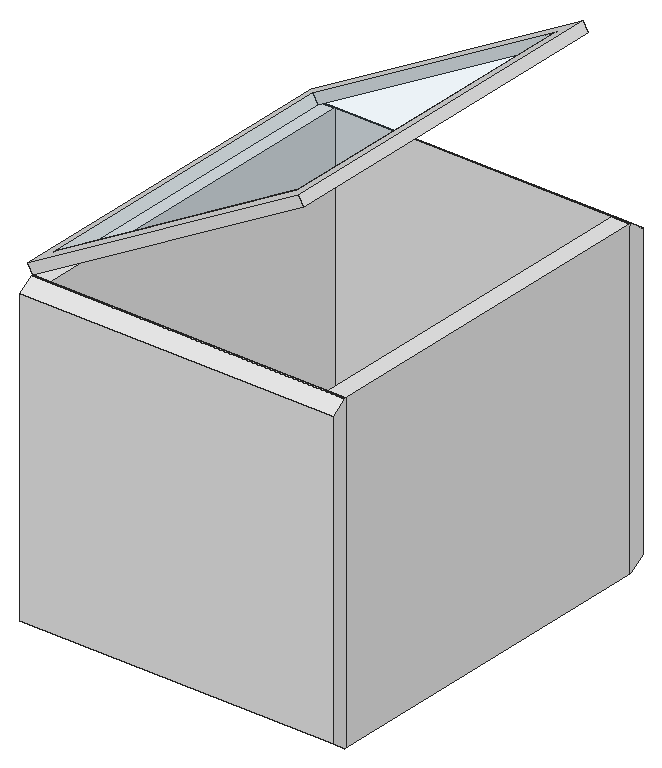
Revit family "Domotics-NetworkCabling-GEWISS-CABINETS_WALL-MOUNTED_19_15U_D600", category Apparecchi elettrici, host Superficie, Revit 2019
Family settings
  Host = Superficie
  Mantenere orientamento annotazione = Sì
  Quota connettore circolare = Usa diametro
  Tipo di parte = Normale
  Taglio con vuoti quando caricato = No
  Condiviso = No
  Punto di calcolo locali = Sì
Parameters (values of type "GW38419 - WALL CABINET 19 15U DEPTH 600MM.")
  simbolo in pianta [instance] = yes
  n_poli = 1
  Visibilità sportello [instance] = yes
  Version file RFA = "21.2"
  URL = "https://www.gewiss.com/ww/en"
  Type of door = "Reversible"
  Technical sheet = "https://www.gewiss.com/ww/en/search?q=GW38419"
  Static load capacity = "50KG"
  SEO = "Board"
  Realized by GEWISS S.p.A. = ""
  Prospetto di default = 900 mm
  Produttore = "GEWISS S.p.A."
  Potenza quadro = 0 V
  Outer dim. LxHxD (mm) = "600x740x600"
  Nome quadro [instance] = "n.quadro"
  No. uprights = "2"
  Modello = "GW38419"
  Material = "Steel"
  Immagine tipo = B.jpg
  IP degree = "IP20"
  IDT = "875adcc69f394db3bb3f37c4bdb18b0a"
  IDF = "0dbaedf6-5384-4bdc-ba3e-a0e6901a7229"
  Finishing = "Textured"
  Electrocod = "3752"
  Door opening = "180°"
  Distanza_x [instance] = -380.34 mm
  Distanza simbolo [instance] = 0.5 mm
  Distanza effettiva x [instance] = 1000 mm - Distanza_x  # 1380.34 mm
  Descrizione = "WALL CABINET 19 15U DEPTH 600MM."
  Depth (mm) = "600 mm"
  Colour = "Grey (RAL 7035)"
  Category = "19” wall-mount cabinet"
  Catalogue = "DOMOTICS"
  Cabling unity = "15 U"
  COBie.Tagnumber = ""
  COBie.CreatedOn = ""
  COBie.CreatebBy = ""
  COBie.ComponentRegisterItemID = ""
  COBie.Component.TagNumber = ""
  COBie.Component.Space = ""
  COBie.Component.SerialNumber = ""
  COBie.Component.InstallationDate = ""
  COBie.Component.Description = ""
  COBie.Component.BarCode = ""
  Apertura [instance] = 30.00°
Reference planes
  plane 1 "Centro (Fronte/Retro)": y = 0
  plane 2: z = 0
  plane 3 "Centro (Sinistra/Destra)": x = 0
  plane 4: x = -1380.34
  plane 5: x = 0
Forms (mm)
  Extrusion 1, solid, detail levels coarse
    sketch origin (0, 0, 0) x (1, 0, 0) y (0, 1, 0)
      loop
        line (-10, 744) -> (-10, -4.25) -> (600, -4.25) -> (600, 744) -> (-10, 744)
    from 0 to 600
Dimensions and locks
  plane 4 to plane 3 "Centro (Sinistra/Destra)" = 1380.34 mm
  "Distanza effettiva x": plane 4 to plane 5
  aligned and locked: host face to plane 2
  aligned and locked: host face to level
  aligned and locked: nested 1 to plane 5
  aligned and locked: plane 3 "Centro (Sinistra/Destra)" to nested 2
  aligned and locked: plane 1 "Centro (Fronte/Retro)" to nested 2
  aligned and locked: Extrusion 1 sketch curve to nested 2  (x3)
  aligned and locked: Extrusion 1 to nested 2
Automatic sketch dimensions
  host sketch curve to host sketch curve = 3398.537 mm
  host sketch curve to host sketch curve = 3619.2 mm
  Extrusion 1 sketch curve to plane 3 "Centro (Sinistra/Destra)" = 10 mm
Nested families
  nested 1: "DATACENTERsimbolo" at (0, 911.19, 0), Distanza dal muro <- "Distanza simbolo", SIMBOLO ACCESO <- "simbolo in pianta", visible <- "simbolo in pianta", type "3P"
    with SIMBOLO ACCESO yes, Distanza dal muro 0.5 mm
  nested 2: "QUADRO DA PARETE 19 15U P_600MM_base" at (0, 0, 0), Visibilità sportello <- "Visibilità sportello", type "QUADRO DA PARETE 19 15U P_600MM_base", detail levels medium+fine
Connectors
  electrical at (300, 740, 300), driven by "n_poli", driven by "Potenza quadro"
    settings: on nested 2, index 1, voltage 0 V, apparent load 0 VA, apparent load phase1 0 VA, apparent load phase2 0 VA, apparent load phase3 0 VA, power factor 1, load classification "Altro", number of poles 1, system type 31, power factor state 1, is connector primary yes, connector utility no, sub classification motor no, connector description ""
Definition of nested family "QUADRO DA PARETE 19 15U P_600MM_base"
  Parameters (values of type "QUADRO DA PARETE 19 15U P_600MM_base")
    s = 30.00°
    d_piano = 0 mm
    Visibilità sportello [instance] = yes
    Vetro = none
    Struttura = none
    Sportlello = none
    Profondità quadro = 600 mm  # constant formula
    Larghezza quadro = 600 mm  # constant formula
    Altezza quadro = 740 mm  # constant formula
  Reference planes
    plane 1 "Centro (Fronte/Retro)": y = 0
    plane 2: z = 0
    plane 3 "Centro (Sinistra/Destra)": x = 0
    plane 4: z = 0
    plane 5: z = 26
    plane 6: z = 576
    plane 7: z = 600
    plane 8 "posizione": y = 30
    plane 9: y = 710
    plane 10: y = 740
    plane 11: x = 600
    plane 12: x = 34
    plane 13: x = 566
    plane 14: y = -4.25
    plane 15: y = 744
    plane 16: z = 575.1
    plane 17: z = 545.6
    plane 18: x = 69.137
    plane 19: z = 57.064
    plane 20: z = 555.625
  Forms (mm)
    Extrusion 1, solid, material <- "Struttura"
      sketch origin (0, 0, 0) x (0, 1, 0) y (0, 0, 1)
        loop
          line (30, 600) -> (30, 0) -> (710, 0) -> (710, 600) -> (30, 600)
      from 0 to 34
    Extrusion 2, solid, material <- "Struttura"
      sketch origin (612, 0, 0) x (0, 1, 0) y (0, 0, -1)
        loop
          line (30, -600) -> (710, -600) -> (710, 0) -> (30, 0) -> (30, -600)
      from 12 to 46
    Extrusion 3, solid, material <- "Struttura"
      sketch origin (0, 0, 0) x (0, 1, 0) y (0, 0, 1)
        loop
          line (30, 0) -> (30, 600) -> (27.558, 600) -> (0, 580.704) -> (0, 19.296) -> (27.558, 0) -> (30, 0)
        loop
          line (710, 0) -> (712.442, 0) -> (740, 19.296) -> (740, 580.704) -> (712.442, 600) -> (710, 600) -> (710, 0)
      from 0 to 600
    Extrusion 4, solid, material <- "Struttura"
      sketch origin (0, 0, 0) x (1, 0, 0) y (0, 1, 0)
        loop
          line (34, 710) -> (34, 30) -> (566, 30) -> (566, 710) -> (34, 710)
      from 0 to 26
    Extrusion 5, solid, material <- "Sportlello", visible <- "Visibilità sportello"
      sketch origin (731.334, 0, 1022.236) x (-0.866025, 0, -0.5) y (0, -1, 0)
        loop
          line (844.471, -30) -> (244.471, -30) -> (244.471, -710) -> (844.471, -710) -> (844.471, -30)
        loop
          line (274.471, -680) -> (814.471, -680) -> (814.471, -60) -> (274.471, -60) -> (274.471, -680)
      from 0 to 20
    Extrusion 6, solid, material <- "Vetro", visible <- "Visibilità sportello"
      sketch origin (731.334, 0, 1022.236) x (-0.866025, 0, -0.5) y (0, -1, 0)
        loop
          line (814.471, -60) -> (274.471, -60) -> (274.471, -680) -> (814.471, -680) -> (814.471, -60)
      from 0 to 20
  Lines and regions (mm)
    reference lines
      curve 1: line (731.334, 0, 1022.236) -> (0, 0, 600)
  Dimensions and locks
    locked: plane 5 to plane 4 at 26
    locked: plane 7 to plane 6 at 24
    "Profondità quadro": plane 7 to plane 4
    "d_piano": plane 4 to plane 2
    locked: plane 1 "Centro (Fronte/Retro)" to plane 8 "posizione" at 30
    locked: plane 9 to plane 10 at 30
    "Altezza quadro": plane 1 "Centro (Fronte/Retro)" to plane 10
    "Larghezza quadro": plane 3 "Centro (Sinistra/Destra)" to plane 11
    locked: plane 3 "Centro (Sinistra/Destra)" to plane 12 at 34
    locked: plane 13 to plane 11 at 34
    plane 9 to Extrusion 2 = 680 mm
    locked: plane 14 to plane 1 "Centro (Fronte/Retro)" at 4.25
    locked: plane 10 to plane 15 at 4
    locked: plane 17 to plane 16 at 29.5
    locked: plane 16 to plane 7 at 24.9
    locked: plane 19 to plane 5 at 31.064
    plane 3 "Centro (Sinistra/Destra)" to Extrusion 4 = 566 mm
    locked: Extrusion 5 sketch curve to curve 1 at 30
    "Larghezza quadro": Extrusion 5 sketch curve to Extrusion 5 sketch curve
    locked: Extrusion 5 sketch curve to Extrusion 5 sketch curve at 30  (x4)
    "s": angle plane 7 to curve 1
    aligned and locked: Extrusion 1 sketch curve to plane 7
    aligned and locked: Extrusion 1 sketch curve to plane 4
    aligned and locked: Extrusion 1 sketch curve to plane 8 "posizione"
    aligned and locked: Extrusion 1 sketch curve to plane 9
    aligned and locked: Extrusion 1 to plane 3 "Centro (Sinistra/Destra)"
    aligned and locked: plane 12 to Extrusion 1
    aligned and locked: plane 13 to Extrusion 2
    aligned and locked: Extrusion 2 to plane 11
    aligned and locked: Extrusion 2 to plane 4
    aligned and locked: plane 7 to Extrusion 2
    aligned and locked: Extrusion 3 sketch curve to plane 8 "posizione"
    aligned and locked: Extrusion 3 sketch curve to plane 7  (x2)
    aligned and locked: Extrusion 3 sketch curve to plane 1 "Centro (Fronte/Retro)"
    aligned and locked: Extrusion 3 sketch curve to plane 10
    aligned and locked: Extrusion 3 sketch curve to plane 9
    aligned and locked: Extrusion 3 sketch curve to plane 4
    aligned and locked: Extrusion 3 to plane 3 "Centro (Sinistra/Destra)"
    aligned and locked: Extrusion 3 to plane 11
    aligned and locked: Extrusion 4 sketch curve to plane 12
    aligned and locked: Extrusion 4 sketch curve to plane 9
    aligned and locked: Extrusion 4 sketch curve to plane 8 "posizione"
    aligned and locked: Extrusion 4 sketch curve to plane 13
    aligned and locked: plane 5 to Extrusion 4
    aligned and locked: Extrusion 4 to plane 4
    aligned and locked: curve 1 to Extrusion 3
    aligned and locked: Extrusion 6 sketch curve to Extrusion 5  (x3)
    aligned and locked: Extrusion 5 sketch curve to Extrusion 3
  Automatic sketch dimensions
    plane 7 to Extrusion 2 sketch curve = 0 mm
    Extrusion 2 sketch curve to plane 8 "posizione" = 0 mm
    Extrusion 2 sketch curve to plane 4 = 0 mm
    Extrusion 2 sketch curve to plane 9 = 0 mm
    plane 8 "posizione" to Extrusion 3 sketch curve = 2.442 mm  (x2)
    Extrusion 3 sketch curve to plane 9 = 2.442 mm  (x2)
    Extrusion 3 sketch curve to plane 5 = 6.704 mm  (x2)
    plane 6 to Extrusion 3 sketch curve = 4.704 mm  (x2)
    Extrusion 3 sketch curve to plane 4 = 0 mm
    Extrusion 6 sketch curve to curve 1 = 30 mm
    Extrusion 5 sketch curve to curve 1 = 0 mm
    curve 1 to plane 3 "Centro (Sinistra/Destra)" = 0 mm
    curve 1 to plane 7 = 0 mm
Definition of nested family "DATACENTERsimbolo"
  Parameters (values of type "3P")
    SIMBOLO ACCESO [instance] = yes
    Distanza dal muro [instance] = 0 mm
  Reference planes
    plane 1: y = 0
    plane 2: x = 0
  Dimensions and locks
    "Distanza dal muro": plane 1 to nested 1
    aligned and locked: plane 2 to nested 1
  Nested families
    nested 1: "DATACENTERsimbolo.base" at (0, 0, 0), type "3P"
      with CORNICE SIMBOLO yes
  Definition of nested family "DATACENTERsimbolo.base"
    Parameters (values of type "3P")
      Testo = ""
      CORNICE SIMBOLO [instance] = yes
      3P = yes
    Reference planes
      plane 1: y = 0
      plane 2: x = 0
    Lines and regions (mm)
      detail lines
        curve 1: line (6.852, 3.426, 0) -> (8.859, 3.426, 0)
        curve 2: line (8.859, 3.426, 0) -> (8.859, 0, 0)
        curve 3: line (8.859, 0, 0) -> (6.852, 0, 0)
        curve 4: line (6.852, 0, 0) -> (0, 3.426, 0)
        curve 5: line (0, 3.426, 0) -> (3.027, 3.426, 0)
        curve 6: line (3.027, 3.426, 0) -> (6.852, 3.426, 0)
        curve 7: line (6.852, 3.426, 0) -> (6.852, 0, 0)
        curve 8: line (6.852, 0, 0) -> (0, 0, 0)
        curve 9: line (0, 0, 0) -> (0, 3.426, 0)
        curve 10: line (7.856, 1.713, 0) -> (7.856, 2.67, 0)
        curve 11: line (8.526, 0.756, 0) -> (8.526, 1.713, 0)
        curve 12: line (8.526, 1.713, 0) -> (7.185, 1.713, 0)
        curve 13: line (7.185, 1.713, 0) -> (7.185, 0.756, 0)
    Text (mm)
      label "RJ" at (7.87, 1.29, 0), shows "Testo"
    Nested families
      nested 1: "testo_simb" at (7.89, 1.134, 0), type "3P"
        with SIMBOLO ACCESO yes, Distanza dal muro 0 mm
      nested 2: "testo_simb" at (7.855, 0, 0), type "3P"
        with SIMBOLO ACCESO yes, Distanza dal muro 0 mm
      nested 3: "testo_simb" at (7.855, 0, 0), type "3P"
        with SIMBOLO ACCESO yes, Distanza dal muro 0 mm
      nested 4: "testo_simb" at (7.855, 0, 0), type "3P"
        with SIMBOLO ACCESO yes, Distanza dal muro 0 mm
      nested 5: "testo_simb" at (7.855, 0, 0), type "3P"
        with SIMBOLO ACCESO yes, Distanza dal muro 0 mm
    Definition of nested family "testo_simb"
      Parameters (values of type "3P")
        testo simb = ""
        SIMBOLO ACCESO [instance] = yes
        Distanza dal muro [instance] = 0 mm
      Reference planes
        plane 1: y = 0
        plane 2: x = 0
      Text (mm)
        label "RJ" at (0.02, 0.123, 0), shows "testo simb"
